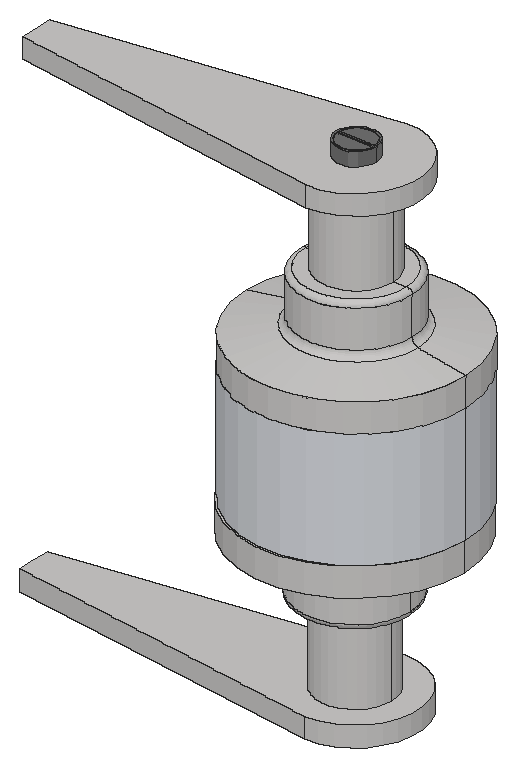
Revit family "_HARDWARE_DOOR", category Doors, host Face, Revit 2019
Family settings
  Host = Face
  Cut with Voids When Loaded = No
  Shared = Yes
  Room Calculation Point = No
Parameters
  M_BUTTON = M_PL
  M_BODY = M_ST
  Default Elevation = 48"
  B_DOOR = 1 3/8"
  Analytic Construction = "<None>"
Reference planes (in)
  plane 1 "Center (Front/Back)": y = 0
  plane 2: z = 0
  plane 3 "Center (Left/Right)": x = 0
Forms (in)
  Extrusion 1, solid
    sketch origin (0, 0, 0) x (1, 0, 0) y (0, 1, 0)
      loop
        circle (-0.00095, -0.01969) r 1.27953
    from -1.375 to 0
Dimensions and locks (in)
  Extrusion 1 to Extrusion 1 = 1 3/8"
  "B_DOOR": host face to Extrusion 1
  host face to nested 1 = 1.02362"
  nested 1 to nested 1 = 1.1811"
  plane 3 "Center (Left/Right)" to nested 1 = 3.74016"
  aligned and locked: plane 2 to host face
  aligned and locked: level to host face
  aligned and locked: Extrusion 1 to nested 1
Automatic sketch dimensions
  host sketch curve to host sketch curve = 96"  (x2)
  Extrusion 1 sketch curve to Extrusion 1 sketch curve = 0"  (x2)
  Extrusion 1 sketch curve to plane 3 "Center (Left/Right)" = 0.00095"
  plane 1 "Center (Front/Back)" to Extrusion 1 sketch curve = 0.01969"
  Extrusion 1 sketch curve to Extrusion 1 sketch curve = 1.27953"
Nested families (in)
  nested 1: "HARDWARE_DOOR 2" at (0, -0.01969, 0) x (-1, 0, 0) z (0, 0, 1), type "HARDWARE_DOOR 2"
    with M_BUTTON M_PL, M_BODY M_ST
  nested 2: "HARDWARE_DOOR 2" at (-0.00095, -0.03946, -1.375) x (-1, 0, 0) z (0, 0, -1), M_BODY <- "M_BODY", M_BUTTON <- "M_BUTTON", type "HARDWARE_DOOR 2"
    with M_BUTTON M_PL, M_BODY M_ST
Definition of nested family "HARDWARE_DOOR 2"
  Parameters (values of type "HARDWARE_DOOR 2")
    M_BUTTON [instance] = none
    M_BODY [instance] = none
    Default Elevation = 48"
    D_DOOR = 1.37795"
  Reference planes (in)
    plane 1 "Center (Front/Back)": y = 0
    plane 2: z = 0
    plane 3 "Center (Left/Right)": x = 0
  Forms (in)
    Extrusion 1, solid
      sketch origin (0, 0, 0) x (1, 0, 0) y (0, 1, 0)
        loop
          line (-48, 48) -> (-48, -48) -> (48, -48) -> (48, 48) -> (-48, 48)
      from 0 to -12
    Revolve 2, solid, material <- "M_BODY"
      sketch origin (0, 0, 0) x (1, 0, 0) y (0, 0, 1)
        loop
          line (-1.27953, 0) -> (0, 0) -> (0, 2.20472) -> (-0.43307, 2.20472) -> (-0.43307, 1.02362) -> (-0.59096, 1.02362)
          arc (-0.59096, 1.02362) -> (-0.63521, 1.00529) -> (-0.65354, 0.96104) r 0.06258
          line (-0.65354, 0.96104) -> (-0.65354, 0.52369)
          arc (-0.65354, 0.52369) -> (-0.67072, 0.46921) -> (-0.71604, 0.43444) r 0.09498
          line (-0.71604, 0.43444) -> (-1.27953, 0.33508) -> (-1.27953, 0)
        axis (0, 0) -> (0, 2.20472)
      angle from 0 to 360
    Extrusion 3, solid, material <- "M_BODY"
      sketch origin (0, 0, 0) x (1, 0, 0) y (0, 1, 0)
        loop
          line (3.74016, 0) -> (3.74016, 0.2064) -> (0, 0.73205)
          arc (0, 0.73205) -> (-0.73264, -0.00059) -> (0, -0.73323) r 0.73264
          line (0, -0.73323) -> (3.74016, -0.19142) -> (3.74016, 0)
      from 1.9685 to 2.20472
    Extrusion 4, solid, material <- "M_BUTTON"
      sketch origin (0, 0, 0) x (1, 0, 0) y (0, 1, 0)
        loop
          circle (0, 0) r 0.23622
      from 2.20472 to 2.3622
    Extrusion 5, void
      sketch origin (0, 0, 0) x (1, 0, 0) y (0, 1, 0)
        loop
          circle (0, 0) r 0.21654
        loop
          line (-0.18999, -0.01969) -> (0.1919, -0.01969) -> (0.1919, 0.01969) -> (-0.18999, 0.01969) -> (-0.18999, -0.01969)
        loop
          circle (0, 0) r 0.20669
      from 2.34604 to 2.3622
  Cuts and joins
    Extrusion 5 cuts Revolve 2
    Extrusion 5 cuts Extrusion 3
    joined: Revolve 2, Extrusion 3
    Extrusion 5 cuts Extrusion 4
  Dimensions and locks (in)
    cut or joined group of Revolve 2, Extrusion 3, Extrusion 5 to plane 3 "Center (Left/Right)" = 3.74016"
    cut or joined group of Revolve 2, Extrusion 3, Extrusion 5 to Extrusion 1 = 1.02362"
    cut or joined group of Revolve 2, Extrusion 3, Extrusion 5 to cut or joined group of Revolve 2, Extrusion 3, Extrusion 5 = 2.55906"
    cut or joined group of Revolve 2, Extrusion 3, Extrusion 5 to cut or joined group of Revolve 2, Extrusion 3, Extrusion 5 = 1.1811"
    aligned and locked: plane 2 to Extrusion 1
    aligned and locked: level to Extrusion 1
    aligned and locked: Extrusion 4 to cut or joined group of Revolve 2, Extrusion 3, Extrusion 5
    aligned and locked: cut or joined group of Extrusion 4, Extrusion 5 to Extrusion 5
